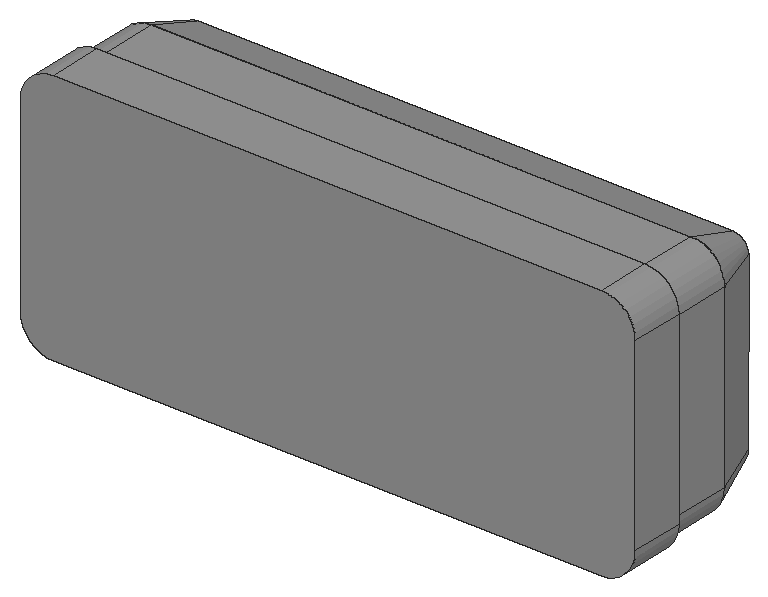
Revit family "IEK_РозеткаСетевая_ОткрытойУстановки_C ЗК 16А 3-местная IP20_ОКТАВА", category Электрические приборы, Revit 2019
Family settings
  Сохранять ориентацию аннотаций = Да
  Размер круглого соединителя = Использовать диаметр
  Тип детали = Нормальный
  На основе рабочей плоскости = Нет
  Всегда вертикально = Да
  При загрузке вырезать с полостями = Нет
  Общий = Нет
  Точка расчета площади = Нет
Parameters (values of type "РС23-3-ОС")
  Ширина = 147 mm  # constant formula
  Тип монтажа = "Поверхностный монтаж (открытая установка)"  # constant formula
  Степень защиты = "IP20"  # constant formula
  Изготовитель = "IEK"  # constant formula
  Дата изменения = ""
  Глубина = 40.5 mm  # constant formula
  Высота = 61 mm  # constant formula
  ΔХ [instance] = 2000 mm
  ΔY [instance] = 2000 mm
  KSI_CPr_Строительные изделия = "20.4.03.04 20.4.03.05 20.4.03.06"  # constant formula
  KSI_CMa_Строительные материалы = "01.7.14.03"  # constant formula
  IEK_Цена за единицу = 548.6
  IEK_Поиск в таблице имен = ""
  IEK_Описание = "Универсальный дизайн серии открытой установки \"ОКТАВА\" позволяет устанавливать изделия в квартирах, загородных домах, офисных и производственных помещениях."
  IEK_URL = "https://www.iek.ru/products/catalog/izdeliya_elektroustanovochnye_udliniteli_i_silovye_razemy/elektroustanovochnye_izdeliya/elektroustanovochnye_izdeliya_otkrytogo_montazha_ip20/elektroustanovochnye_izdeliya_oktava/elektroustanovochnye_izdeliya_oktava_tsvet_sosna/rozetka_3_mestnaya_dlya_otkrytoy_ustanovki_rs23_3_os_s_zazemlyayushchim_kontaktom_16a_oktava_sosna_iek"
  ADSK_Ток [instance] = 16 A  # constant formula
  ADSK_Примечание = ""
  ADSK_Полная мощность [instance] = ADSK_Номинальная мощность / ADSK_Коэффициент мощности  # 3520 VA
  ADSK_Позиция [instance] = ""
  ADSK_Номинальная мощность [instance] = ADSK_Ток * ADSK_Напряжение * sqrt(ADSK_Количество фаз числовое) * ADSK_Коэффициент мощности  # 3520 W
  ADSK_Напряжение = 220 V
  ADSK_Наименование = "Розетка 3-местная для открытой установки РС23-3-ОС с заземляющим контактом 16А ОКТАВА сосна IEK"
  ADSK_Материал обозначение = ""
  ADSK_Материал наименование = "Пластик"  # constant formula
  ADSK_Материал = Цвет сосна
  ADSK_Масса = 0.108  # constant formula
  ADSK_Марка = "ОКТАВА"  # constant formula
  ADSK_Коэффициент мощности [instance] = 1  # constant formula
  ADSK_Количество фаз числовое = 1
  ADSK_Количество фаз = 1
  ADSK_Код изделия = "ERO31-K03-16-DC"
  ADSK_Классификация нагрузок [instance] = Прочее
  ADSK_Завод-изготовитель = "IEK"  # constant formula
  ADSK_Единица измерения = "шт"  # constant formula
  ADSK_Группирование = "III ЭЛЕКТРОУСТАНОВОЧНЫЕ И ЭЛЕКТРОМОНТАЖНЫЕ ИЗДЕЛИЯ"  # constant formula
  ADSK_Версия семейства = "1.0"  # constant formula
  ADSK_Версия Revit = "2019"  # constant formula
  ADSK_URL страницы изделия = "https://www.iek.ru/products/catalog/izdeliya_elektroustanovochnye_udliniteli_i_silovye_razemy/elektroustanovochnye_izdeliya/elektroustanovochnye_izdeliya_otkrytogo_montazha_ip20/elektroustanovochnye_izdeliya_oktava/"
Types (3, lengths in mm): name | IEK_Цена за единицу | IEK_URL | ADSK_Наименование | ADSK_Материал | ADSK_Код изделия
  (no name) | 548.6 | "https://www.iek.ru/products/catalog/izdeliya_elektroustanovochnye_udliniteli_i_silovye_razemy/elektroustanovochnye_izdeliya/elektroustanovochnye_izdeliya_otkrytogo_montazha_ip20/elektroustanovochnye_izdeliya_oktava/elektroustanovochnye_izdeliya_oktava_tsvet_sosna/rozetka_3_mestnaya_dlya_otkrytoy_ustanovki_rs23_3_os_s_zazemlyayushchim_kontaktom_16a_oktava_sosna_iek" | "Розетка 3-местная для открытой установки РС23-3-ОС с заземляющим контактом 16А ОКТАВА сосна IEK" | Цвет сосна | "ERO31-K03-16-DC"
  РС23-3-ОК | 331.94 | "https://www.iek.ru/products/catalog/izdeliya_elektroustanovochnye_udliniteli_i_silovye_razemy/elektroustanovochnye_izdeliya/elektroustanovochnye_izdeliya_otkrytogo_montazha_ip20/elektroustanovochnye_izdeliya_oktava/elektroustanovochnye_izdeliya_oktava_tsvet_kremovyy/rozetka_3_mestnaya_dlya_otkrytoy_ustanovki_rs23_3_ok_s_zazemlyayushchim_kontaktom_16a_oktava_kremovyy_iek" | "Розетка 3-местная для открытой установки РС23-3-ОК с заземляющим контактом 16А ОКТАВА кремовый IEK" | Цвет кремовый | "ERO31-K33-16-DC"
  РС23-3-ОС | 548.6 | "https://www.iek.ru/products/catalog/izdeliya_elektroustanovochnye_udliniteli_i_silovye_razemy/elektroustanovochnye_izdeliya/elektroustanovochnye_izdeliya_otkrytogo_montazha_ip20/elektroustanovochnye_izdeliya_oktava/elektroustanovochnye_izdeliya_oktava_tsvet_sosna/rozetka_3_mestnaya_dlya_otkrytoy_ustanovki_rs23_3_os_s_zazemlyayushchim_kontaktom_16a_oktava_sosna_iek" | "Розетка 3-местная для открытой установки РС23-3-ОС с заземляющим контактом 16А ОКТАВА сосна IEK" | Цвет сосна | "ERO31-K03-16-DC"
Reference planes
  plane 1 "По центру (Вперед/Назад)": y = 0
  plane 2: z = 0
  plane 3 "По центру (Влево/Вправо)": x = 0
  plane 4 "Высота ножек": z = 280
  plane 5 "Высота": z = 2081.496
  plane 6: x = -2000
  plane 7: y = 2000
Forms (mm)
  Extrusion 1, void
    sketch origin (20.015, -0.004, 30.506) x (-0.000131, 0.000119, -1) y (-1, 0, 0.000131)
      loop
        circle (0, 20) r 19.5
      loop
        circle (0, -22.995) r 19.5
      loop
        circle (0, 62.995) r 19.5
    from 24 to 41
  Extrusion 2, solid, material "Цвет сосна" <- "ADSK_Материал", detail levels fine
    sketch origin (0.015, -0.004, 30.509) x (-0.000131, 0.000119, -1) y (-1, 0, 0.000131)
      loop
        line (-30.5, 65.537) -> (-30.5, -65.534)
        arc (-30.5, -65.534) -> (-28.167, -71.167) -> (-22.534, -73.5) r 7.966
        line (-22.534, -73.5) -> (22.505, -73.5)
        arc (22.505, -73.5) -> (28.158, -71.158) -> (30.5, -65.505) r 7.995
        line (30.5, -65.505) -> (30.5, 65.494)
        arc (30.5, 65.494) -> (28.155, 71.155) -> (22.494, 73.5) r 8.006
        line (22.494, 73.5) -> (-22.537, 73.5)
        arc (-22.537, 73.5) -> (-28.168, 71.168) -> (-30.5, 65.537) r 7.963
    from 0 to 13
  Extrusion 3, solid, material "Цвет сосна" <- "ADSK_Материал", detail levels fine
    sketch origin (0.015, -0.004, 30.509) x (-0.000131, 0.000119, -1) y (-1, 0, 0.000131)
      loop
        line (-29.5, 64.48) -> (-29.5, -64.519)
        arc (-29.5, -64.519) -> (-27.163, -70.163) -> (-21.519, -72.5) r 7.981
        line (-21.519, -72.5) -> (21.5, -72.5)
        arc (21.5, -72.5) -> (27.157, -70.157) -> (29.5, -64.5) r 8
        line (29.5, -64.5) -> (29.5, 64.48)
        arc (29.5, 64.48) -> (27.151, 70.151) -> (21.48, 72.5) r 8.02
        line (21.48, 72.5) -> (-21.48, 72.5)
        arc (-21.48, 72.5) -> (-27.151, 70.151) -> (-29.5, 64.48) r 8.02
    from 13 to 28
  Blend 4, solid, material "Цвет сосна" <- "ADSK_Материал", detail levels fine
    base sketch origin (0.015, -0.004, 30.509) x (-0.000131, 0.000119, -1) y (-1, 0, 0.000131)
      loop
        line (-29.5, 64.5) -> (-29.5, -64.5)
        arc (-29.5, -64.5) -> (-27.157, -70.157) -> (-21.5, -72.5) r 8
        line (-21.5, -72.5) -> (21.5, -72.5)
        arc (21.5, -72.5) -> (27.157, -70.157) -> (29.5, -64.5) r 8
        line (29.5, -64.5) -> (29.5, 64.5)
        arc (29.5, 64.5) -> (27.157, 70.157) -> (21.5, 72.5) r 8
        line (21.5, 72.5) -> (-21.5, 72.5)
        arc (-21.5, 72.5) -> (-27.157, 70.157) -> (-29.5, 64.5) r 8
    top sketch origin (0.015, -0.004, 30.509) x (-0.000131, 0.000119, -1) y (-1, 0, 0.000131)
      loop
        line (-24.783, 63.968) -> (-24.783, -63.997)
        arc (-24.783, -63.997) -> (-23.679, -66.664) -> (-21.011, -67.768) r 3.772
        line (-21.011, -67.768) -> (20.953, -67.768)
        arc (20.953, -67.768) -> (23.64, -66.655) -> (24.753, -63.968) r 3.8
        line (24.753, -63.968) -> (24.753, 63.968)
        arc (24.753, 63.968) -> (23.64, 66.655) -> (20.953, 67.768) r 3.8
        line (20.953, 67.768) -> (-20.983, 67.768)
        arc (-20.983, 67.768) -> (-23.67, 66.655) -> (-24.783, 63.968) r 3.8
    from 28 to 41
  Extrusion 5, void
    sketch origin (0.015, -0.004, 30.509) x (-0.000131, 0.000119, -1) y (-1, 0, 0.000131)
      loop
        arc (-22.783, -63.768) -> (-22.197, -65.183) -> (-20.783, -65.768) r 2
        line (-20.783, -65.768) -> (20.753, -65.768)
        arc (20.753, -65.768) -> (22.168, -65.183) -> (22.753, -63.768) r 2
        line (22.753, -63.768) -> (22.753, 63.768)
        arc (22.753, 63.768) -> (22.168, 65.183) -> (20.753, 65.768) r 2
        line (20.753, 65.768) -> (-20.783, 65.768)
        arc (-20.783, 65.768) -> (-22.197, 65.183) -> (-22.783, 63.768) r 2
        line (-22.783, 63.768) -> (-22.783, -63.768)
      loop
        circle (0, 0) r 20.5
      loop
        circle (0, -43.037) r 20.5
      loop
        circle (0, 43.037) r 20.5
    from 40.5 to 41
  Extrusion 6, void
    sketch origin (20.005, -0.004, 30.506) x (-0.000131, 0.000119, -1) y (-1, 0, 0.000131)
      loop
        circle (-9.525, -23.047) r 2.758
      loop
        circle (9.525, -23.047) r 2.758
      loop
        circle (-9.525, 19.99) r 2.758
      loop
        circle (9.525, 19.99) r 2.758
      loop
        circle (-9.525, 63.027) r 2.758
      loop
        circle (9.525, 63.027) r 2.758
    from 31.537 to 22
  Extrusion 7, solid, material "Латунь", detail levels fine
    sketch origin (0.015, -0.004, 30.509) x (-1, 0, 0.000131) y (0, 1, 0.000119)
      loop
        line (62.047, 24.025) -> (62.874, 23.198) -> (58.485, 32.61)
        arc (58.485, 32.61) -> (58.315, 33.717) -> (58.765, 34.741) r 2
        line (58.765, 34.741) -> (61.5, 38) -> (60.229, 37.108) -> (58.459, 34.998)
        arc (58.459, 34.998) -> (57.918, 33.769) -> (58.122, 32.441) r 2.4
        line (58.122, 32.441) -> (62.047, 24.025)
      loop
        line (23.942, 24.025) -> (27.867, 32.441)
        arc (27.867, 32.441) -> (28.071, 33.769) -> (27.53, 34.998) r 2.4
        line (27.53, 34.998) -> (25.76, 37.108) -> (24.489, 38) -> (27.224, 34.741)
        arc (27.224, 34.741) -> (27.675, 33.717) -> (27.505, 32.61) r 2
        line (27.505, 32.61) -> (23.115, 23.198) -> (23.942, 24.025)
      loop
        line (-62.047, 24.025) -> (-58.122, 32.441)
        arc (-58.122, 32.441) -> (-57.918, 33.769) -> (-58.459, 34.998) r 2.4
        line (-58.459, 34.998) -> (-60.229, 37.108) -> (-61.5, 38) -> (-58.765, 34.741)
        arc (-58.765, 34.741) -> (-58.315, 33.717) -> (-58.485, 32.61) r 2
        line (-58.485, 32.61) -> (-62.874, 23.198) -> (-62.047, 24.025)
      loop
        line (-23.942, 24.025) -> (-23.115, 23.198) -> (-27.505, 32.61)
        arc (-27.505, 32.61) -> (-27.675, 33.717) -> (-27.224, 34.741) r 2
        line (-27.224, 34.741) -> (-24.489, 38) -> (-25.76, 37.108) -> (-27.53, 34.998)
        arc (-27.53, 34.998) -> (-28.071, 33.769) -> (-27.867, 32.441) r 2.4
        line (-27.867, 32.441) -> (-23.942, 24.025)
      loop
        line (19.047, 24.025) -> (19.874, 23.198) -> (15.485, 32.61)
        arc (15.485, 32.61) -> (15.315, 33.717) -> (15.765, 34.741) r 2
        line (15.765, 34.741) -> (18.5, 38) -> (17.229, 37.108) -> (15.459, 34.998)
        arc (15.459, 34.998) -> (14.918, 33.769) -> (15.122, 32.441) r 2.4
        line (15.122, 32.441) -> (19.047, 24.025)
      loop
        line (-19.058, 24.025) -> (-15.133, 32.441)
        arc (-15.133, 32.441) -> (-14.929, 33.769) -> (-15.47, 34.998) r 2.4
        line (-15.47, 34.998) -> (-17.24, 37.108) -> (-18.511, 38) -> (-15.776, 34.741)
        arc (-15.776, 34.741) -> (-15.325, 33.717) -> (-15.495, 32.61) r 2
        line (-15.495, 32.61) -> (-19.885, 23.198) -> (-19.058, 24.025)
    from -1.515 to 1.485
  Extrusion 8, solid, detail levels coarse
    sketch origin (0, 0, 0) x (1, 0, 0) y (0, 1, 0)
      loop
        line (-73.488, -0.001) -> (73.518, -0.001) -> (73.518, 40.998) -> (-73.488, 40.998) -> (-73.488, -0.001)
    from 0 to 61.009
  Extrusion 9, solid, detail levels medium
    sketch origin (0, 0, 0) x (1, 0, 0) y (0, 1, 0)
      loop
        line (-73.488, 40.998) -> (-73.488, -0.001) -> (73.518, -0.001) -> (73.518, 40.998) -> (-73.488, 40.998)
    from 0 to 61.016
Cuts and joins
  Extrusion 1, Extrusion 5, Extrusion 6 cuts Blend 4
  Extrusion 6 cuts Extrusion 3
Lines and regions (mm)
  reference lines
    curve 1: line (0, 44.647, 0) -> (0, -55.353, 0)
    curve 2: line (-23.829, 0, 0) -> (76.171, 0, 0)
Dimensions and locks
  locked: plane 4 "Высота ножек" to plane 2 at 280
  plane 5 "Высота" to plane 4 "Высота ножек" = 1801.496 mm
  "ΔХ": plane 6 to curve 1
  "ΔY": plane 7 to curve 2
  aligned and locked: level to plane 2
  aligned and locked: nested 1 to curve 1
  aligned and locked: curve 2 to nested 1
Automatic sketch dimensions
  plane 3 "По центру (Влево/Вправо)" to Extrusion 1 sketch curve = 43.01 mm
  Extrusion 1 sketch curve to Extrusion 1 sketch curve = 0 mm  (x2)
  Extrusion 1 sketch curve to Extrusion 1 sketch curve = 42.995 mm  (x2)
  Extrusion 2 sketch curve to plane 3 "По центру (Влево/Вправо)" = 65.518 mm
  Extrusion 2 sketch curve to Extrusion 2 sketch curve = 7.963 mm
  Extrusion 2 sketch curve to Extrusion 2 sketch curve = 7.966 mm
  Extrusion 2 sketch curve to Extrusion 2 sketch curve = 45.031 mm
  Extrusion 2 sketch curve to Extrusion 2 sketch curve = 45.039 mm
  Extrusion 2 sketch curve to Extrusion 2 sketch curve = 8.006 mm
  Extrusion 2 sketch curve to Extrusion 2 sketch curve = 130.998 mm
  Extrusion 3 sketch curve to plane 3 "По центру (Влево/Вправо)" = 64.461 mm
  Extrusion 3 sketch curve to Extrusion 3 sketch curve = 7.981 mm
  Extrusion 3 sketch curve to Extrusion 3 sketch curve = 8.02 mm  (x2)
  Extrusion 3 sketch curve to Extrusion 3 sketch curve = 42.96 mm
  Extrusion 3 sketch curve to Extrusion 3 sketch curve = 43.019 mm
  Extrusion 3 sketch curve to Extrusion 3 sketch curve = 128.98 mm
  Blend 4 sketch curve to plane 3 "По центру (Влево/Вправо)" = 64.481 mm
  Blend 4 sketch curve to Blend 4 sketch curve = 8 mm  (x3)
  Blend 4 sketch curve to Blend 4 sketch curve = 43 mm  (x2)
  Blend 4 sketch curve to Blend 4 sketch curve = 129 mm
  Blend 4 sketch curve to plane 3 "По центру (Влево/Вправо)" = 63.95 mm
  Blend 4 sketch curve to Blend 4 sketch curve = 3.772 mm
  Blend 4 sketch curve to Blend 4 sketch curve = 3.8 mm  (x2)
  Blend 4 sketch curve to Blend 4 sketch curve = 41.965 mm
  Blend 4 sketch curve to Blend 4 sketch curve = 41.937 mm
  Blend 4 sketch curve to Blend 4 sketch curve = 127.937 mm
  plane 3 "По центру (Влево/Вправо)" to Extrusion 5 sketch curve = 63.786 mm
  Extrusion 5 sketch curve to Extrusion 5 sketch curve = 2 mm  (x3)
  Extrusion 5 sketch curve to Extrusion 5 sketch curve = 20.783 mm  (x2)
  Extrusion 5 sketch curve to Extrusion 5 sketch curve = 0 mm
  Extrusion 5 sketch curve to Extrusion 5 sketch curve = 20.753 mm  (x2)
  Extrusion 5 sketch curve to Extrusion 5 sketch curve = 20.731 mm  (x2)
  Extrusion 5 sketch curve to Extrusion 5 sketch curve = 43.037 mm  (x2)
  Extrusion 6 sketch curve to plane 3 "По центру (Влево/Вправо)" = 43.021 mm
  Extrusion 6 sketch curve to Extrusion 6 sketch curve = 0 mm  (x5)
  Extrusion 6 sketch curve to Extrusion 6 sketch curve = 19.049 mm  (x3)
  Extrusion 6 sketch curve to Extrusion 6 sketch curve = 43.037 mm  (x2)
  Extrusion 7 sketch curve to Extrusion 7 sketch curve = 0 mm  (x17)
  Extrusion 7 sketch curve to Extrusion 7 sketch curve = 0.827 mm  (x12)
  Extrusion 7 sketch curve to Extrusion 7 sketch curve = 0.547 mm
  Extrusion 7 sketch curve to Extrusion 7 sketch curve = 1.202 mm  (x3)
  Extrusion 7 sketch curve to Extrusion 7 sketch curve = 1.271 mm  (x6)
  Extrusion 7 sketch curve to Extrusion 7 sketch curve = 1.532 mm  (x5)
  Extrusion 7 sketch curve to Extrusion 7 sketch curve = 1.813 mm  (x4)
  Extrusion 7 sketch curve to Extrusion 7 sketch curve = 0.306 mm  (x6)
  Extrusion 7 sketch curve to Extrusion 7 sketch curve = 0.363 mm  (x6)
  Extrusion 7 sketch curve to Extrusion 7 sketch curve = 30.255 mm  (x3)
  Extrusion 7 sketch curve to Extrusion 7 sketch curve = 0.337 mm  (x3)
  Extrusion 7 sketch curve to Extrusion 7 sketch curve = 1.77 mm  (x3)
  Extrusion 7 sketch curve to Extrusion 7 sketch curve = 3.925 mm  (x3)
  Extrusion 7 sketch curve to Extrusion 7 sketch curve = 3.231 mm
  Extrusion 7 sketch curve to Extrusion 7 sketch curve = 5.979 mm
  Extrusion 7 sketch curve to Extrusion 7 sketch curve = 3.241 mm
  Extrusion 7 sketch curve to Extrusion 7 sketch curve = 5.989 mm
  Extrusion 7 sketch curve to Extrusion 7 sketch curve = 8.416 mm  (x6)
  Extrusion 7 sketch curve to Extrusion 7 sketch curve = 0.169 mm  (x6)
  Extrusion 7 sketch curve to Extrusion 7 sketch curve = 0.845 mm  (x6)
  Extrusion 7 sketch curve to Extrusion 7 sketch curve = 2.11 mm  (x6)
  Extrusion 7 sketch curve to Extrusion 7 sketch curve = 0.892 mm  (x6)
  Extrusion 8 sketch curve to plane 3 "По центру (Влево/Вправо)" = 73.488 mm
  plane 3 "По центру (Влево/Вправо)" to Extrusion 8 sketch curve = 73.518 mm
  plane 1 "По центру (Вперед/Назад)" to Extrusion 8 sketch curve = 0.001 mm
  Extrusion 8 sketch curve to plane 1 "По центру (Вперед/Назад)" = 40.998 mm
  plane 1 "По центру (Вперед/Назад)" to Extrusion 9 sketch curve = 0.001 mm
  Extrusion 9 sketch curve to plane 3 "По центру (Влево/Вправо)" = 73.488 mm
  plane 3 "По центру (Влево/Вправо)" to Extrusion 9 sketch curve = 73.518 mm
  Extrusion 9 sketch curve to plane 1 "По центру (Вперед/Назад)" = 40.998 mm
  curve 2 to plane 3 "По центру (Влево/Вправо)" = 23.829 mm
  plane 3 "По центру (Влево/Вправо)" to curve 2 = 76.171 mm
  plane 1 "По центру (Вперед/Назад)" to curve 1 = 55.353 mm
  curve 1 to plane 1 "По центру (Вперед/Назад)" = 44.647 mm
  radius of Extrusion 1 sketch curve = 19.5 mm  (x3)
  radius of Extrusion 5 sketch curve = 20.5 mm  (x3)
  radius of Extrusion 6 sketch curve = 2.758 mm  (x6)
Nested families
  nested 1: "УГО Розетки" at (0, 0, 0), type "2PE-O", detail levels coarse+medium
    with Количество в блоке "3Б", Блок розеток yes, IP44 no
Connectors
  electrical at (0.016, -0.004, 30.518), driven by "ADSK_Количество фаз", driven by "ADSK_Классификация нагрузок", driven by "ADSK_Напряжение", driven by "ADSK_Полная мощность", driven by "ADSK_Коэффициент мощности"
    settings: on Extrusion 2, index 1, voltage 220 V, apparent load 0 VA, apparent load phase1 3520 VA, apparent load phase2 0 VA, apparent load phase3 0 VA, power factor 1, load classification "Прочее", number of poles 1, system type 31, power factor state 1, is connector primary yes, connector utility no, sub classification motor no, connector description ""
Definition of nested family "УГО Розетки"
  Parameters (values of type "3PE-O")
    Количество в блоке [instance] = ""
    Блок розеток [instance] = no
    IP44 [instance] = no
    3PE-O = yes
    3PE-C = no
    2PE-O = no
    2PE-C = no
    2P-O = no
    2P-C = no
  Types (6, lengths in mm): name | 3PE-O | 3PE-C | 2PE-O | 2PE-C | 2P-O | 2P-C
    2P-O | no | no | no | no | yes | no
    3PE-O | yes | no | no | no | no | no
    2P-C | no | no | no | no | no | yes
    2PE-C | no | no | no | yes | no | no
    2PE-O | no | no | yes | no | no | no
    3PE-C | no | yes | no | no | no | no
  Reference planes
    plane 1: y = 0
    plane 2: x = 0
  Lines and regions (mm)
    Filled region 1, type "Цветовая область 1", visible <- "IP44"
      outline origin (0, 0, 0) x (1, 0, 0) y (0, 1, 0)
        loop
          line (-2.5, 0) -> (2.5, 0)
          arc (2.5, 0) -> (0, 2.5) -> (-2.5, 0) r 2.5
    Filled region 2, type "Цветовая область 1", visible <- "IP44", not visible
      outline origin (0, 0, 0) x (1, 0, 0) y (0, 1, 0)
        loop
          line (-2.5, 4.664) -> (2.5, 4.664)
          arc (2.5, 4.664) -> (0, 7.164) -> (-2.5, 4.664) r 2.5
    detail lines
      curve 1: line (-2.5, 0, 0) -> (2.5, 0, 0)
      curve 3: line (0, 2.5, 0) -> (0, 5, 0)
      curve 4: arc (-2.5, 0, 0) -> (0, 2.5, 0) -> (2.5, 0, 0) r 2.5
    detail lines, visible <- "3PE-C"
      curve 2: line (0, 0, 0) -> (0, 2.5, 0)
      curve 5: line (-2.5, 2.5, 0) -> (2.5, 2.5, 0)
      curve 17: line (0, 2.5, 0) -> (1.768, 4.268, 0)
      curve 18: line (0, 2.5, 0) -> (-1.768, 4.268, 0)
    detail lines, not visible
      curve 6: line (-2.5, 4.664, 0) -> (2.5, 4.664, 0)
      curve 8: line (0, 7.164, 0) -> (0, 9.664, 0)
      curve 9: arc (-2.5, 4.664, 0) -> (0, 7.164, 0) -> (2.5, 4.664, 0) r 2.5
    detail lines, visible <- "3PE-C", not visible
      curve 7: line (0, 4.664, 0) -> (0, 7.164, 0)
      curve 10: line (-2.5, 7.164, 0) -> (2.5, 7.164, 0)
      curve 23: line (0, 7.164, 0) -> (1.768, 8.932, 0)
      curve 24: line (0, 7.164, 0) -> (-1.768, 8.932, 0)
    detail lines, visible <- "3PE-O"
      curve 11: line (-2.5, 2.5, 0) -> (2.5, 2.5, 0)
      curve 19: line (0, 2.5, 0) -> (1.768, 4.268, 0)
      curve 20: line (0, 2.5, 0) -> (-1.768, 4.268, 0)
    detail lines, visible <- "3PE-O", not visible
      curve 12: line (-2.5, 7.164, 0) -> (2.5, 7.164, 0)
      curve 25: line (0, 7.164, 0) -> (1.768, 8.932, 0)
      curve 26: line (0, 7.164, 0) -> (-1.768, 8.932, 0)
    detail lines, visible <- "2PE-C"
      curve 13: line (0, 0, 0) -> (0, 2.5, 0)
      curve 22: line (-2.5, 2.5, 0) -> (2.5, 2.5, 0)
    detail lines, visible <- "2P-C"
      curve 14: line (0, 0, 0) -> (0, 2.5, 0)
    detail lines, visible <- "2PE-C", not visible
      curve 15: line (0, 4.664, 0) -> (0, 7.164, 0)
      curve 28: line (-2.5, 7.164, 0) -> (2.5, 7.164, 0)
    detail lines, visible <- "2P-C", not visible
      curve 16: line (0, 4.664, 0) -> (0, 7.164, 0)
    detail lines, visible <- "2PE-O"
      curve 21: line (-2.5, 2.5, 0) -> (2.5, 2.5, 0)
    detail lines, visible <- "2PE-O", not visible
      curve 27: line (-2.5, 7.164, 0) -> (2.5, 7.164, 0)
    reference lines
      curve 29: line (100, 9.605, 0) -> (100, -3.971, 0)
  Text (mm)
    label "3" at (1.908, 5.573, 0), shows "Количество в блоке", visible <- "Блок розеток"
    label "3" at (1.908, 10.237, 0), shows "Количество в блоке", visible <- "Блок розеток", not visible
  Dimensions and locks
    aligned and locked: Filled region 1 sketch curve to curve 4
    aligned and locked: Filled region 2 sketch curve to curve 9
